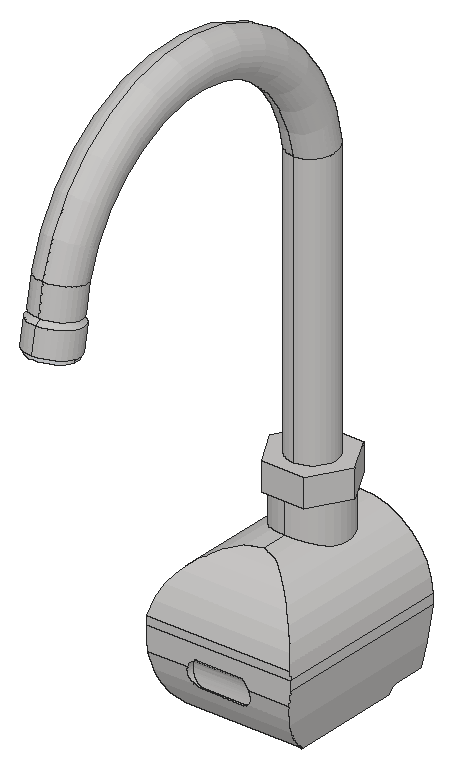
Revit family "16-190", category Specialty Equipment, Revit 2018
Family settings
  Round Connector Dimension = Use Diameter
  Part Type = Normal
  OmniClass Number = 23.45.05.14
  OmniClass Title = Plumbing Fixtures - Sanitary Washing Units
  Work Plane-Based = No
  Always vertical = Yes
  Cut with Voids When Loaded = No
  Shared = No
  Room Calculation Point = No
Parameters
  URL Cutsheet = ""
  Serial Number = ""
  Plumbing Remarks = ""
  Plumbing Connection Type = ""
  Model = "16-190"
  Masterspec = ""
  Manufacturer = "Krowne Metal"
  Item Number = ""
  Inlet Size = 1/2"
  Hot Water Size = 1/2"
  Hot Water RI Height = 0"
  Hot Water Flow = 2.2 GPM
  Hot Water Connection Height = 0"
  Foodservice Equipment Identifier = yes
  Description = "Single Hole Wall Mount with 4-1/2\" Wide Gooseneck Spout"
  Cold Water Size = 1/2"
  Cold Water RI Height = 0"
  Cold Water Flow = 2.2 GPM
  Cold Water Connection Height = 0"
  Assembly Code = "D2010400"
Reference planes (in)
  plane 1 "Center (Front/Back)": y = 0
  plane 2: z = 0
  plane 3 "Center (Left/Right)": x = 0
  plane 4: y = 8.24616
  plane 5: z = 9.75
  plane 6: y = -2.7381
  plane 7: y = -0.05109
  plane 8: y = -9.4881
  plane 9: z = 6.75
  plane 10: y = -8.70069
  plane 11: through (480, -0.9579, 6.94564) normal (0, -0.1736, -0.9848)
  plane 12: through (480, -9.03724, 8.08355) normal (0, 0.9848, -0.1736)
Forms (in)
  Extrusion 1, solid, material "Metal_Finishes_Stainless Steel"
    sketch origin (0, 0, 0) x (0, 1, 0) y (0, 0, 1)
      loop
        line (-2.7381, 0) -> (-0.05109, 0) -> (-0.05109, 1.20089) -> (-2.7381, 1.20089) -> (-2.7381, 0)
    from -1.08719 to 1.09162
  Extrusion 2, solid, material "Metal_Finishes_Stainless Steel"
    sketch origin (0, 0, 1.28946) x (0, 1, 0) y (0, 0, 1)
      loop
        line (-2.7381, -0.08857) -> (-0.05109, -0.08857) -> (-0.05109, 0.96897) -> (-2.7381, 0.96897) -> (-2.7381, -0.08857)
    from -1.08719 to 1.09162
  Extrusion 3, void
    sketch origin (0, 0, 0) x (1, 0, 0) y (0, 0, 1)
      loop
        line (-1.10165, 1.18572) -> (-1.10165, 0) -> (-0.87117, 0)
        arc (-0.87117, 0) -> (-1.02443, 0.58547) -> (-1.10165, 1.18572) r 4.72766
      loop
        arc (1.10165, 1.18572) -> (1.02443, 0.58547) -> (0.87117, 0) r 4.72766
        line (0.87117, 0) -> (1.10165, 0) -> (1.10165, 1.18572)
    from 0 to 2.93413
  Extrusion 4, void
    sketch origin (0, 0, 0) x (1, 0, 0) y (0, 0, 1)
      loop
        arc (-1.08719, 1.20089) -> (-0.76642, 1.95658) -> (0, 2.25078) r 1.05053
        arc (0, 2.25078) -> (0.75835, 1.94682) -> (1.09162, 1.20089) r 1.08851
        line (1.09162, 1.20089) -> (1.09162, 2.28304) -> (-1.08719, 2.28304) -> (-1.08719, 1.20089)
    from 0 to 2.7381
  Extrusion 5, void
    sketch origin (0, 0, 0) x (0, 1, 0) y (0, 0, 1)
      loop
        line (-1.57438, 2.29955) -> (-2.94885, 2.29955) -> (-2.94885, -0.06265) -> (-2.16145, -0.06265)
        arc (-2.16145, -0.06265) -> (-2.54652, 0.33055) -> (-2.7381, 0.84649) r 1.32183
        line (-2.7381, 0.84649) -> (-2.7381, 1.32021)
        arc (-2.7381, 1.32021) -> (-2.32524, 2.0107) -> (-1.57438, 2.29955) r 1.23295
    from -1.68293 to 9.84252
  Extrusion 6, void
    sketch origin (0, 0, 0) x (0, 1, 0) y (0, 0, 1)
      loop
        line (-0.02303, 0.14066) -> (-0.5138, 0.14066)
        arc (-0.5138, 0.14066) -> (-0.58334, 0.08583) -> (-0.60515, 0) r 0.13779
        line (-0.60515, 0) -> (-0.60515, -0.04154) -> (-0.02303, -0.04154) -> (-0.02303, 0.14066)
    from -1.33387 to 1.36534
  Extrusion 7, solid, material "Metal_Finishes_Stainless Steel"
    sketch origin (0, 0, 0) x (1, 0, 0) y (0, 0, 1)
      loop
        arc (0.3937, 0.20434) -> (0.63851, 0.70363) -> (0.72269, 1.2533) r 1.83678
        arc (0.72269, 1.2533) -> (0.51102, 1.76432) -> (0, 1.97599) r 0.72269
        arc (0, 1.97599) -> (-0.51102, 1.76432) -> (-0.72269, 1.2533) r 0.72269
        arc (-0.72269, 1.2533) -> (-0.63851, 0.70363) -> (-0.3937, 0.20434) r 1.83678
        line (-0.3937, 0.20434) -> (0, 0.20434) -> (0.3937, 0.20434)
    from 0 to 0.05109
  Extrusion 8, void
    sketch origin (0, 0, -0.05536) x (1, 0, 0) y (0, 0, 1)
      loop
        arc (-0.35196, 1.03276) -> (-0.47757, 0.82796) -> (-0.3373, 0.63291) r 0.21695
        line (-0.3373, 0.63291) -> (0.3373, 0.63291)
        arc (0.3373, 0.63291) -> (0.47757, 0.82796) -> (0.35196, 1.03276) r 0.21695
        line (0.35196, 1.03276) -> (-0.35196, 1.03276)
    from 2.58964 to 3.02403
  Extrusion 9, solid, material "Metal_Finishes_Stainless Steel"
    sketch origin (0, 0, 0) x (0, 1, 0) y (0, 0, 1)
      loop
        line (-2.58964, 0.97739) -> (-2.7361, 0.97739)
        spline (-2.7361, 0.97739) -> (-2.70472, 0.95045) -> (-2.68115, 0.92674) -> (-2.66383, 0.90498) -> (-2.6512, 0.88386) -> (-2.64169, 0.86208) -> (-2.63386, 0.83835) -> (-2.62756, 0.81129) -> (-2.62334, 0.77953) -> (-2.62176, 0.74166) -> (-2.62338, 0.6963) -> (-2.62875, 0.64206) -> (-2.63844, 0.57754)
        line (-2.63844, 0.57754) -> (-2.58964, 0.57754) -> (-2.58964, 0.97739)
    from -0.49407 to 0.51811
  Revolve 10, solid, material "Metal_Finishes_Stainless Steel"
    sketch origin (0, 0, 0) x (0, 1, 0) y (0, 0, 1)
      loop
        line (-0.9579, 2.73877) -> (-0.9579, 2.39022) -> (-0.9579, 1.95653) -> (-0.42735, 1.95653) -> (-0.42735, 2.73877) -> (-0.9579, 2.73877)
      axis (-0.9579, 2.73877) -> (-0.9579, 1.95653)
    angle from 0 to 360
  Extrusion 11, solid, material "Metal_Finishes_Stainless Steel"
    sketch origin (0, 0, 0) x (1, 0, 0) y (0, 1, 0)
      loop
        line (-0.32373, -0.39719) -> (-0.64745, -0.9579) -> (-0.32373, -1.51862) -> (0.32373, -1.51862) -> (0.64745, -0.9579) -> (0.32373, -0.39719) -> (-0.32373, -0.39719)
    from 2.73877 to 3.15333
  Sweep 12, solid, material "Metal_Finishes_Stainless Steel"
    path origin (0, -0.21875, 2.26796) x (0, 1, 0) y (0, 0, 1)
      loop
        line (-0.74228, 0.49704) -> (-0.74228, 5.05954)
        arc (-0.74228, 5.05954) -> (-3.00351, 7.1567) -> (-5.4984, 5.34376) r 2.42815
        line (-5.4984, 5.34376) -> (-5.57601, 4.90365)
    profile origin (0, -0.96103, 5.04625) x (0, -1, 0) y (1, 0, 0)
      loop
        circle (0, 0) r 0.34999
  Revolve 13, solid, material "Metal_Finishes_Stainless Steel"
    sketch origin (0, -0.21875, 2.26796) x (0, 1, 0) y (0, 0, 1)
      loop
        line (-5.27827, 4.85116) -> (-5.57601, 4.90365) -> (-5.65888, 4.43365) -> (-5.2822, 4.36723) -> (-5.21567, 4.74456)
        arc (-5.21567, 4.74456) -> (-5.25994, 4.79024) -> (-5.27827, 4.85116) r 0.13453
      axis (-5.57601, 4.90365) -> (-5.65888, 4.43365)
    angle from 0 to 360
  Extrusion 14, solid
    sketch origin (0, -5.67101, 3.5988) x (1, 0, 0) y (0, 0.984808, -0.173648)
      loop
        circle (0, -0.74228) r 0.34999
      loop
        circle (0, -0.47623) r 0.05752
      loop
        circle (-0.15925, -0.53419) r 0.05752
      loop
        circle (0.15697, -0.53419) r 0.05752
      loop
        circle (0, -0.59957) r 0.05752
      loop
        circle (-0.24148, -0.67209) r 0.05752
      loop
        circle (-0.10601, -0.676) r 0.05752
      loop
        circle (0.11162, -0.67209) r 0.05752
      loop
        circle (0.24557, -0.67209) r 0.05752
      loop
        circle (0, -1.00833) r 0.05752
      loop
        circle (-0.15925, -0.95037) r 0.05752
      loop
        circle (0.15697, -0.95037) r 0.05752
      loop
        circle (0, -0.88499) r 0.05752
      loop
        circle (-0.24148, -0.81247) r 0.05752
      loop
        circle (-0.09819, -0.81247) r 0.05752
      loop
        circle (0.10381, -0.81247) r 0.05752
      loop
        circle (0.24557, -0.81247) r 0.05752
      loop
        circle (0.00361, -0.73734) r 0.05752
    from 2.95843 to 3.01979
Cuts and joins
  Extrusion 3, Extrusion 5, Extrusion 6, Extrusion 8 cuts Extrusion 1
  joined: Extrusion 1, Extrusion 9
  Extrusion 4, Extrusion 5 cuts Extrusion 2
  joined: Extrusion 2, Revolve 10
  Extrusion 8 cuts Extrusion 7
  joined: Extrusion 11, Sweep 12
Dimensions and locks (in)
  plane 5 to plane 2 = 9 3/4"
  plane 6 to plane 7 = 2.68701"
  plane 4 to plane 6 = 10.98425"
  plane 8 to plane 6 = 6 3/4"
  plane 9 to plane 2 = 6 3/4"
  plane 5 to level = 9 3/4"
  aligned and locked: level to plane 2
Connectors (in)
  piping at (0, 0, 0.84927), diameter 0.5, driven by "Inlet Size"
    settings: on cut or joined group of Extrusion 7, Extrusion 8, index 1, connector inside diameter 24", connector length 0", flow factor 0, pipe flow 0 GPM, pressure drop 0.00 psi, fitting loss kfactor 0, connector angle 0.00°, fixture units 0, engagement length 0", angle of deflection 0.00°, flow configuration 0, flow direction 1, fitting loss method 0, system type 20, joint type 0, gender type 0, connector reference index -1, connector utility 0, adjustable connector no, is connector primary yes, connector description ""
